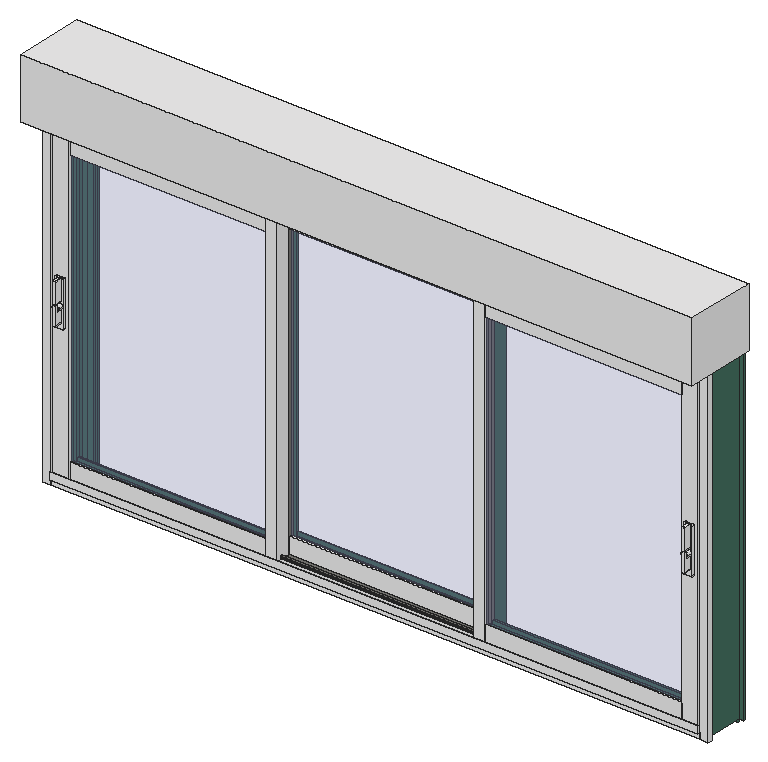
Revit family "K-LINE COULISSANT NEUF-KLBC2R-3V - Bloc Baie VR", category Fenêtres, Revit 2017
Family settings
  Hôte = Mur
  Numéro OmniClass = 23.30.20.00
  Titre OmniClass = Windows
  Toujours verticalement = Oui
  Couper avec des vides une fois chargée = Non
  Partagée = Non
  Point de calcul de pièce = Non
Parameters
  Vitrage principal = ""
  Vitrage = Verre
  Visibilité des lames [instance] = no
  URL = "https://pro.k-line.fr/baie-coulissante-2-rails.html"
  Type porte fenêtre = Hauteur > 1600.00 mm  # no
  Type fenêtre = not(Type porte fenêtre)  # yes
  Type de pose = "ITI"
  Type d'occultation = Bloc Baie VR : Thermobloc Grand SPPF
  Transmission thermique Uw = 1.4000 W/(m²·K)
  Transmission lumineuse TLw = "68%"
  Thermo P = Type d'occultation = Choix Thermo P  # no
  Thermo G = Type d'occultation = Choix Thermo G  # yes
  Symbole d'ouverture = yes
  Surface = Largeur * Hauteur  # 2.88 m²
  SAV = "https://sav.k-line.fr/"
  Retrait 40 = and(not(Optibloc 40), not(Optibloc 60))  # yes
  Rattrapage doublage = Position doublage > 0.00 mm  # no
  Product data url = "https://www.bimobject.com/k-line/product/klbc2r-3vt-bbvr"
  Position traverse inter = Position du dessus de traverse - 69.00 mm  # 831.00 mm
  Position store en bas = if(Option Seuil PAE, 38.00 mm, 16.00 mm)  # 16.00 mm
  Position du dessus de traverse = 900.00 mm
  Position doublage = if(or(Doublage = 110.00 mm, Doublage = 130.00 mm), 10.00 mm, if(or(Doublage = 100.00 mm, and(Doublage = 140.00 mm, Optibloc 40), and(Doublage = 160.00 mm, Optibloc 60)), 20.00 mm, 0.00 mm))  # 0.00 mm
  Position de l'ouvrant [instance] = if(Coulissant ouvert, Largeur / 3 - 78.00 mm, 4.00 mm)  # 4.00 mm
  Position coffre store = if(DL Buben, 30.00 mm, if(Classic, 25.00 mm, 32.00 mm))  # 32.00 mm
  Outil de thermo-luminosité = "https://pro.k-line.fr/le-calculateur-de-performances-thermiques-thermo-luminositer.html"
  Origine France Garantie = "https://pro.k-line.fr/pdf/attestations/Attestation_definitive_OFG_K-LINE.pdf"
  Option de sous-face alu Ext = yes
  Option Seuil PAE = no
  Option Sans bavette = no
  Optibloc 60 = Type d'occultation = Choix Optibloc 60  # no
  Optibloc 40 = Type d'occultation = Choix Optibloc 40  # no
  Optibloc = Type d'occultation = Choix Optibloc  # no
  Occultation = if(Classic, "VR Classic BUBENDORFF", if(DL Buben, "VR Demi Linteau BUBENDORFF", if(Optibloc, "VR Demi Linteau Optibloc SPPF", if(Optibloc 40, "VR Demi Linteau Optibloc SPPF décalé 40 mm", if(Optibloc 60, "VR Demi Linteau Optibloc SPPF décalé 60 mm", "VR Thermobloc SPPF")))))  # "VR Thermobloc SPPF"
  Numéro de série = "K.........."
  Note d'identification = "08520"
  Nombre de traverses intermédiaires = 0.00 mm
  Neuf / Réno / Multi support = "Neuf"
  Mortaise et grille d'entrée d'air = "Non"
  Modèle = if(Classic, "KL-BC2R-3V - Bloc Baie Classic BUBENDORFF", if(DL Buben, "KL-BC2R-3V - Bloc Baie Demi Linteau BUBENDORFF", if(Optibloc, "KL-BC2R-3V - Bloc Baie Demi Linteau Optibloc SPPF", if(Optibloc 40, "KL-BC2R-3V - Bloc Baie Demi Linteau Optibloc SPPF décalé 40 mm", if(Optibloc 60, "KL-BC2R-3V - Bloc Baie Demi Linteau Optibloc SPPF décalé 60 mm", "KL-BC2R-3V - Bloc Baie Thermobloc SPPF")))))  # "KL-BC2R-3V - Bloc Baie Thermobloc SPPF"
  Message Hors abaques [instance] = yes
  Matériaux = "Aluminium et verre"
  Largeur ouvrant = (Largeur - 123.00 mm) / 3 + 72.50 mm  # 831.50 mm
  Largeur ouv ext = (Largeur - 123.00 mm) / 3 + 50.00 mm  # 809.00 mm
  Rough Width [instance] = Largeur  # 2400.00 mm
  Installation instructions = "https://pro.k-line.fr/notices-de-pose.html"
  Ht store = Hauteur - Position store en bas  # 1184.00 mm
  Hors abaques Porte Fenetre [instance] = or(or(1500.00 mm > Largeur, Largeur > 3000.00 mm), or(1601.00 mm > Hauteur, Hauteur > 2400.00 mm), and(Hauteur > 2000.00 mm, Largeur < 1600.00 mm), and(Hauteur > 2100.00 mm, Largeur < 1700.00 mm), and(Hauteur > 2200.00 mm, Largeur < 1800.00 mm))  # yes
  Hors abaques Fenetre [instance] = or(or(1200.00 mm > Largeur, Largeur > 3000.00 mm), or(500.00 mm > Hauteur, Hauteur > 1600.00 mm))  # no
  Hors abaques [instance] = if(Type fenêtre, and(or(or(1200.00 mm > Largeur, Largeur > 3000.00 mm), or(550.00 mm > Hauteur, Hauteur > 1600.00 mm)), Message Hors abaques), and(or(or(1500.00 mm > Largeur, Largeur > 3000.00 mm), or(1601.00 mm > Hauteur, Hauteur > 2450.00 mm), and(Hauteur > 2000.00 mm, Largeur < 1600.00 mm), and(Hauteur > 2100.00 mm, Largeur < 1700.00 mm), and(Hauteur > 2200.00 mm, Largeur < 1800.00 mm)), Message Hors abaques))  # no
  Hauteur ouvrant = Hauteur - Décalage traverse haute - 57.00 mm  # 1143.00 mm
  Rough Height [instance] = Hauteur  # 1200.00 mm
  Hauteur = 1200.00 mm
  Hauteur de l'appui par défaut = if(Type porte fenêtre, 0.00 mm, 800.00 mm)  # 800.00 mm
  Garanties = "https://www.pro.k-line.fr/pdf/Attestations-Avis_technique/Responsabilite_fabricant/Garanties_Legales_KLINE.pdf"
  Fermeture du mur = Par hôte
  Largeur = 2400.00 mm
  Famille de produit = "COULISSANT"
  Facteur solaire ScW (Hiver) = 0.55
  Fabricant = "K.LINE"
  Ep rattrapage = if(Position doublage > 0.00 mm, Position doublage, 5.00 mm)  # 5.00 mm
  Entretien = "https://www.pro.k-line.fr/pdf/Fiches_Entretien/Entretien_Menuiserie.pdf"
  Entreprise de pose = ""
  Dépassement lat coffre = if(or(Optibloc, Optibloc 40, Optibloc 60), 120.00 mm, if(DL Buben, 160.00 mm, 32.00 mm))  # 32.00 mm
  Décalage traverse haute = 32.00 mm - Position coffre store  # 0.00 mm
  Décalage appui = if(Type fenêtre, 140.00 mm, if(Doublage < 180.00 mm, 100.00 mm, 120.00 mm))  # 140.00 mm
  Décal appui Std = if(Doublage < 131.00 mm, 0.00 mm, Doublage - 140.00 mm)  # 20.00 mm
  Décal appui PMR = if(Doublage < 180.00 mm, [Doublage + rattrapage] - 100.00 mm, [Doublage + rattrapage] - 120.00 mm)  # 60.00 mm
  Décal appui = if(Type porte fenêtre, Décal appui PMR, Décal appui Std)  # 20.00 mm
  Doublages disponibles = if(or(DL Buben, Optibloc), "100,110,120,130,140,160,180 et 200mm", if(Optibloc 40, "140,160,180 et 200mm", if(Optibloc 60, "160,180 et 200mm", "100,110,120,130,140,160,180 et 200mm")))  # "100,110,120,130,140,160,180 et 200mm"
  Doublage + rattrapage = Doublage + Position doublage  # 160.00 mm
  Doublage = 160.00 mm
  Description = "Fenêtre et porte fenêtre coulissante alu 2 rails"
  DL Buben = Type d'occultation = Choix DL Buben  # no
  Coulissant ouvert [instance] = no
  Couleur lames de volet = SPPF - Vert foncé (RAL 6005)
  Couleur châssis Int = K.Line Intemporel Blanc satiné (9016 S) - KQ
  Couleur châssis Ext = K.Line Couleur Vert foncé (6005 T) - RS
  Couleur Accessoire Int = K.Line Accessoire Blanc - KQ
  Contraintes de Largeur = if(Type fenêtre, "1200 < Largeur < 3000", "1500 < Largeur < 3000")  # "1200 < Largeur < 3000"
  Contraintes de Hauteur = if(Type fenêtre, "500 < Hauteur < 1600", "1601 < Hauteur < 2400")  # "500 < Hauteur < 1600"
  Construction analytique = "<Aucun>"
  Rattrapage avec aile = and(Type fenêtre, Rattrapage doublage)  # no
  Composition analytique de base = "Châssis 2350x2180 - Vitrage 4/WE Argon 20/TBE 4"
  Code d'assemblage = "B2020110"
  Classic = Type d'occultation = Choix Classic  # no
  Classement AEV = "A*4 E*6B V*A3"
  Classe COV = "A+"
  Clair passage total = Largeur / 3 - 91.00 mm  # 709.00 mm
  Choix Thermo P = Bloc Baie VR : Thermobloc Petit SPPF
  Choix Thermo G = Bloc Baie VR : Thermobloc Grand SPPF
  Choix Optibloc 60 = Bloc Baie VR : Demi Linteau Optibloc décalé 60 mm SPPF
  Choix Optibloc 40 = Bloc Baie VR : Demi Linteau Optibloc décalé 40 mm SPPF
  Choix Optibloc = Bloc Baie VR : Demi Linteau Optibloc SPPF
  Choix DL Buben = Bloc Baie VR : Demi Linteau BUBENDORFF
  Choix Classic = Bloc Baie VR : Classic BUBENDORFF
  Avis technique = "https://pro.k-line.fr/attestations-avis-techniques.html"
  Appui Non-Déporté = yes
  Affaiblissement acoustique R(A,tr) = "30dB"
Reference planes
  plane 1 "Centre (avant/arrière)": y = 0
  plane 2 "Centre (gauche/droite)": x = 0
  plane 3 "Gauche": x = -1200
  plane 4 "Droite": x = 1200
  plane 5 "Appui": z = 800
  plane 6 "Tête": z = 2000
  plane 7 "Extérieur": y = 200
  plane 8 "Intérieur": y = -200
  plane 9: x = -1232
  plane 10 "Nu béton": y = -40
  plane 11: x = 1232
  plane 12: z = 2032
  plane 13: y = -45
  plane 14: y = -53
  plane 15: z = 844
  plane 16: x = 1196
  plane 17: x = -1196
  plane 18: y = -400
  plane 19: x = -1232
  plane 20: x = 1232
  plane 21: y = -60
  plane 22: z = 770
  plane 23: z = 816
Forms (mm)
  Extrusion 1, void
    sketch origin (0, 0, 0) x (1, 0, 0) y (0, 1, 0)
      loop
        line (-1200, 200) -> (-1200, -60) -> (1200, -60) -> (1200, 200) -> (-1200, 200)
    from 770 to 2000
  Extrusion 2, void
    sketch origin (0, 0, 0) x (1, 0, 0) y (0, 1, 0)
      loop
        line (-1232, -40) -> (-1232, -53) -> (-1215, -53) -> (-1215, -200) -> (1215, -200) -> (1215, -53) -> (1232, -53) -> (1232, -40) -> (-1232, -40)
    from 800 to 2032
  Sweep 3, void
    path origin (0, -40, 0) x (-1, 0, 0) y (0, 0, 1)
      loop
        line (-1232, 2000) -> (1232, 2000)
    profile "Profil 2D de resa bloc baie : Profil 2D de resa bloc baie" origin (0, -40, 2000) x (0, 0, 1) y (0, 1, 0)
      loop
        line (2, 1) -> (1, 2) -> (0, 2) -> (0, -250) -> (257, -250) -> (257, 0) -> (2, 0) -> (2, 1)
Text (mm)
  text "EXTERIEUR" at (-1963.203, 1332.353, 0), in view "Niveau de réf."
  text "INTERIEUR" at (-1981.466, -818.386, 0), in view "Niveau de réf."
  text "Extérieur" at (0, 923.751, 2943.296), in view "Droite"
  text "Extérieur" at (0, 1040.484, 2685.409), in view "Gauche"
Dimensions and locks
  equal spacing: plane 3 "Gauche", plane 2 "Centre (gauche/droite)", plane 4 "Droite"
  "Largeur": plane 3 "Gauche" to plane 4 "Droite"
  "Hauteur": plane 5 "Appui" to plane 6 "Tête"
  "Hauteur de l'appui par défaut": plane 5 "Appui" to level
  locked: plane 7 "Extérieur" to host wall at 0
  locked: plane 8 "Intérieur" to host wall
  locked: plane 9 to plane 3 "Gauche" at 32
  locked: plane 4 "Droite" to plane 11 at 32
  "Doublage": plane 10 "Nu béton" to plane 8 "Intérieur"
  "Position coffre store": plane 12 to plane 6 "Tête"
  locked: plane 13 to plane 10 "Nu béton" at 5
  locked: plane 10 "Nu béton" to plane 14 at 13
  locked: plane 5 "Appui" to plane 15 at 44
  "Position de l'ouvrant": plane 16 to plane 4 "Droite"
  locked: plane 3 "Gauche" to plane 17 at 4
  locked: plane 18 to plane 8 "Intérieur" at 200
  "Dépassement lat coffre": plane 19 to plane 3 "Gauche"
  "Dépassement lat coffre": plane 20 to plane 4 "Droite"
  "Décal appui": plane 10 "Nu béton" to plane 21
  locked: plane 5 "Appui" to plane 22 at 30
  "Position store en bas": plane 23 to plane 5 "Appui"
  aligned and locked: Extrusion 1 sketch curve to host wall
  aligned and locked: Extrusion 1 sketch curve to plane 3 "Gauche"
  aligned and locked: plane 4 "Droite" to Extrusion 1 sketch curve
  aligned and locked: Extrusion 1 to plane 6 "Tête"
  aligned and locked: Extrusion 2 sketch curve to plane 10 "Nu béton"
  aligned and locked: plane 9 to Extrusion 2 sketch curve
  aligned and locked: Extrusion 2 sketch curve to host wall
  aligned and locked: plane 11 to Extrusion 2 sketch curve
  aligned and locked: plane 12 to Extrusion 2
  aligned and locked: plane 5 "Appui" to Extrusion 2
  aligned and locked: nested 1 to plane 5 "Appui"
  aligned and locked: Extrusion 2 sketch curve to plane 14
  aligned and locked: plane 14 to Extrusion 2 sketch curve
  aligned and locked: nested 1 to plane 2 "Centre (gauche/droite)"
  aligned and locked: plane 10 "Nu béton" to nested 1
  aligned and locked: nested 3 to plane 16
  aligned and locked: nested 2 to plane 17
  aligned and locked: nested 3 to nested 1
  aligned and locked: plane 15 to nested 2
  aligned and locked: nested 4 to plane 2 "Centre (gauche/droite)"
  aligned and locked: nested 4 to plane 18
  aligned and locked: nested 3 to plane 15
  aligned and locked: plane 2 "Centre (gauche/droite)" to nested 5
  aligned and locked: nested 5 to plane 13
  aligned and locked: plane 2 "Centre (gauche/droite)" to nested 6
  aligned and locked: nested 6 to nested 1
  aligned and locked: nested 1 to nested 2
  aligned and locked: plane 15 to nested 6
  aligned and locked: plane 21 to Extrusion 1 sketch curve
  aligned and locked: Extrusion 1 to plane 22
  aligned and locked: plane 23 to nested 5
Automatic sketch dimensions
  plane 9 to Extrusion 2 sketch curve = 17.00 mm
  Extrusion 2 sketch curve to Extrusion 2 sketch curve = 17.00 mm
  Sweep 3 sketch curve to plane 6 "Tête" = 0.00 mm
  plane 20 to Sweep 3 sketch curve = 0.00 mm
  Sweep 3 sketch curve to plane 19 = 0.00 mm
Nested families
  nested 1: "Dormant KL-BC2R 3V NEUF" at (0, -216.75, 800), type "Dormant KL-BC2R 3V NEUF"
    with Retrait calculé 40.00 mm, Retrait 40 yes, Retrait 40.00 mm, Largeur 2400.00 mm, Hauteur 1200.00 mm, Ep doublage 160.00 mm, Ep aile rattrapage 5.00 mm, Bavette 50 no, Bavette 30 yes, Aile + Rattrapage no
  nested 2: "Ouvrant KLBC" at (-1196, -195, 844) x (-1, 0, 0) z (0, 0, 1), type "Ouvrant KLBC"
    with Vantail Int yes, Vantail Ext no, Renfort PF no, Position symbole 85.00 mm, Poignée PF no, Poignée F yes, Poignée CPI no, Position traverses 356.333 mm, Lg vitrage 759.00 mm, Lg traverse 729.00 mm, Largeur 831.50 mm, Ht vitrage 1047.00 mm, Ht traverse 1 831.00 mm, Hauteur 1143.00 mm
  nested 3: "Ouvrant KLBC" at (1196, -195, 844), type "Ouvrant KLBC"
    with Vantail Int yes, Vantail Ext no, Renfort PF no, Position symbole 85.00 mm, Poignée PF no, Poignée F yes, Poignée CPI no, Position traverses 356.333 mm, Lg vitrage 759.00 mm, Lg traverse 729.00 mm, Largeur 831.50 mm, Ht vitrage 1047.00 mm, Ht traverse 1 831.00 mm, Hauteur 1143.00 mm
  nested 4: "Texte Hors abaques" at (0, -400, 0), visible <- "Hors abaques", type "Texte Hors abaques"
  nested 5: "Bloc Baie VR" at (0, -45, 816) x (-1, 0, 0) z (0, 0, 1), Visibilité des lames <- "Visibilité des lames", type <- "Type d'occultation", Hauteur <- "Ht store", Largeur <- "Largeur", type "Thermobloc Grand SPPF"
    with Visibilité des lames no, Largeur 2400.00 mm, Hauteur 1184.00 mm, Option Sous face yes
  nested 6: "Ouvrant KLBC-3V" at (-404.5, -140, 844) x (-1, 0, 0) z (0, 0, 1), type "Ouvrant KLBC-3V"
    with Position traverses 356.333 mm, Lg vitrage 759.00 mm, Lg traverse 729.00 mm, Largeur 809.00 mm, Ht vitrage 1047.00 mm, Ht traverse 1 831.00 mm, Hauteur 1143.00 mm
Definition of nested family "Dormant KL-BC2R 3V NEUF"
  Parameters (values of type "Dormant KL-BC2R 3V NEUF")
    Type porte fenêtre = not(Type fenêtre)  # no
    Type fenêtre = yes
    Seuil court = and(Type porte fenêtre, Ep doublage < 180.00 mm, not(Option Seuil PAE))  # no
    Retrait calculé = if(Retrait 40, 40.00 mm, if(Retrait 60, 60.00 mm, if(and(Retrait 80, Ep doublage = 140.00 mm), 60.00 mm, if(Retrait 80, 80.00 mm, if(and(Retrait 100, Ep doublage = 160.00 mm), 80.00 mm, if(Retrait 100, 100.00 mm, 0.00 mm))))))  # 0.00 mm
    Retrait 80 = no
    Retrait 60 = no
    Retrait 40 = no
    Retrait 100 = no
    Retrait = Retrait calculé  # 0.00 mm
    Rattrapage doublage = no
    PAE plus = and(Option Seuil PAE, Ep doublage > 179.00 mm)  # no
    Option Seuil PAE = no
    Option Sans bavette = no
    Lg seuil = if(Seuil court, 111.75 mm, 151.75 mm)  # 151.75 mm
    Width = 2200.00 mm
    Height = 2200.00 mm
    Ep doublage = 120.00 mm
    Ep aile rattrapage = 10.00 mm
    Décalage traverse haute = 0.00 mm
    Doublage - Retrait = Ep doublage - Retrait  # 120.00 mm
    Couleur Int = none
    Couleur Ext = none
    Analytic Construction = "<Aucun>"
    Bavette 70 = and(not(Option Seuil PAE), not(Option Sans bavette), or(and(Type fenêtre, Ep doublage = 200.00 mm), and(Type porte fenêtre, or(Ep doublage = 160.00 mm, Ep doublage = 200.00 mm))))  # no
    Bavette 50 = and(not(Option Seuil PAE), not(Option Sans bavette), or(and(Type fenêtre, or(and(Ep doublage = 120.00 mm, Rattrapage doublage), and(Ep doublage = 120.00 mm, [Appui Non-Déporté]), Ep doublage = 180.00 mm)), and(Type porte fenêtre, or(Ep doublage = 140.00 mm, Ep doublage = 180.00 mm))))  # yes
    Bavette 30 = and(not(Option Seuil PAE), not(Option Sans bavette), not(or(Bavette 50, Bavette 70)))  # no
    Appui Non-Déporté = yes
    Aile + Rattrapage = yes
  Reference planes
    plane 1 "Centre (avant/arrière)": y = 0
    plane 2 "Haut rejingot": z = 0
    plane 3 "Centre (gauche/droite)": x = 0
    plane 4: z = 2200
    plane 5: x = 1132
    plane 6: x = -1132
    plane 7: y = 131.75
    plane 8: y = 136.75
    plane 9: x = -1100
    plane 10: x = 1100
    plane 11: y = 151.75
    plane 12: y = 16.75
    plane 13: y = 26.75
    plane 14: x = -1087
    plane 15: z = 26
    plane 16: x = 1087
    plane 17: z = 2232
    plane 18: z = 5
    plane 19: z = 50.5
    plane 20: x = -1115
    plane 21: x = 1115
    plane 22: y = 69.25
    plane 23: y = 84.25
    plane 24: y = 14.25
    plane 25: y = 29.25
    plane 26: z = 2177
    plane 27: y = 123.75
    plane 28: z = 2219.3
    plane 29: y = 71.75
    plane 30 "Axe vt Int": y = 21.75
    plane 31 "Axe vt ext": y = 76.75
    plane 32: z = -15
    plane 33: y = 131.75
    plane 34: z = 2200
  Forms (mm)
    Sweep 1, solid, material <- "Couleur Int", visible <- "Rattrapage doublage"
      path origin (0, 0, -5) x (1, 0, 0) y (0, 0, 1)
        loop
          line (1132, 10) -> (1132, 2237) -> (-1132, 2237) -> (-1132, 10)
      profile origin (1132, 0, 1118.5) x (-1, 0, 0) y (0, -1, 0)
        loop
          line (17, -26.75) -> (17, -16.75) -> (0, -16.75) -> (0, -26.75) -> (17, -26.75)
    Extrusion 2, solid, material <- "Couleur Int"
      sketch origin (0, 0, 0) x (1, 0, 0) y (0, 1, 0)
        loop
          line (-1132, 16.75) -> (-1132, 0) -> (-1100, 0) -> (-1100, 16.75) -> (-1132, 16.75)
        loop
          line (1132, 16.75) -> (1100, 16.75) -> (1100, 0) -> (1132, 0) -> (1132, 16.75)
      from 5 to 2232
    Extrusion 3, solid
      sketch origin (0, 0, 0) x (1, 0, 0) y (0, 1, 0)
        loop
          line (1087, 29.25) -> (1087, 14.25) -> (1100, 14.25) -> (1100, 29.25) -> (1087, 29.25)
        loop
          line (-1100, 29.25) -> (-1100, 14.25) -> (-1087, 14.25) -> (-1087, 29.25) -> (-1100, 29.25)
      from 50.5 to 2177
    Extrusion 4, solid, material <- "Couleur Ext"
      sketch origin (0, 0, 0) x (1, 0, 0) y (0, 1, 0)
        loop
          line (-1132, 131.75) -> (-1132, 123.75) -> (-1115, 123.75) -> (-1115, 29.25) -> (-1100, 29.25) -> (-1100, 131.75) -> (-1132, 131.75)
        loop
          line (1132, 131.75) -> (1100, 131.75) -> (1100, 29.25) -> (1115, 29.25) -> (1115, 123.75) -> (1132, 123.75) -> (1132, 131.75)
      from 5 to 2232
    Extrusion 5, solid, material <- "Couleur Ext"
      sketch origin (0, 0, 0) x (0, 1, 0) y (0, 0, 1)
        loop
          line (131.75, 2232) -> (123.75, 2232) -> (123.75, 2219.3) -> (76.75, 2219.3) -> (76.75, 2177) -> (84.25, 2177) -> (84.25, 2200) -> (131.75, 2200) -> (131.75, 2232)
        loop
          line (84.25, 50.5) -> (70.25, 50.5) -> (70.25, 5) -> (151.75, 5) -> (151.75, 13.305) -> (71.75, 16) -> (71.75, 26) -> (84.25, 26) -> (84.25, 50.5)
      from -1100 to 1100
    Extrusion 6, solid, material <- "Couleur Int"
      sketch origin (0, 0, 0) x (0, 1, 0) y (0, 0, 1)
        loop
          line (16.75, 2232) -> (0, 2232) -> (0, 2200) -> (14.25, 2200) -> (14.25, 2177) -> (21.75, 2177) -> (21.75, 2219.3) -> (16.75, 2219.3) -> (16.75, 2232)
        loop
          line (14.25, 28) -> (-3, 28) -> (-3, 50.5) -> (-5, 50.5) -> (-5, 26) -> (0, 26) -> (0, 5) -> (21.75, 5) -> (21.75, 50.5) -> (14.25, 50.5) -> (14.25, 28)
      from -1100 to 1100
    Extrusion 7, solid
      sketch origin (0, 0, 0) x (0, 1, 0) y (0, 0, 1)
        loop
          line (76.75, 2219.3) -> (21.75, 2219.3) -> (21.75, 2177) -> (29.25, 2177) -> (29.25, 2200) -> (69.25, 2200) -> (69.25, 2177) -> (76.75, 2177) -> (76.75, 2219.3)
        loop
          line (76.75, 54) -> (69.25, 53) -> (69.25, 41) -> (29.25, 41) -> (29.25, 53) -> (21.75, 54) -> (14.25, 53) -> (14.25, 50.5) -> (21.75, 50.5) -> (21.75, 5) -> (70.25, 5) -> (70.25, 50.5) -> (84.25, 50.5) -> (84.25, 53) -> (76.75, 54)
      from -1100 to 1100
    Extrusion 8, void
      sketch origin (0, 0, 0) x (0, 1, 0) y (0, 0, 1)
        loop
          line (16.75, 2232) -> (16.75, 2219.3) -> (69.25, 2219.3) -> (69.25, 2232) -> (16.75, 2232)
      from -1115 to 1115
    Extrusion 9, solid, material <- "Couleur Int", visible <- "Aile + Rattrapage"
      sketch origin (0, 0, 0) x (0, 1, 0) y (0, 0, 1)
        loop
          line (26.75, 5) -> (16.75, 5) -> (16.75, -15) -> (26.75, -15) -> (26.75, 5)
      from -1132 to 1132
  Cuts and joins
    Extrusion 8 cuts Extrusion 6
    Extrusion 8 cuts Extrusion 7
    Extrusion 8 cuts Extrusion 2
    Extrusion 8 cuts Extrusion 4
  Lines and regions (mm)
    symbolic lines
      curve 1: line (-1100, 0, 0) -> (1100, 0, 0)
      curve 2: line (0, 0, 2200) -> (0, 0, 28)
  Dimensions and locks
    locked: plane 8 to plane 7 at 5
    equal spacing: plane 9, plane 3 "Centre (gauche/droite)", plane 10
    "Width": plane 9 to plane 10
    locked: plane 6 to plane 9 at 32
    locked: plane 10 to plane 5 at 32
    "Height": plane 4 to level
    "Ep doublage": plane 8 to plane 12
    locked: plane 12 to plane 1 "Centre (avant/arrière)" at 16.75
    "Ep aile rattrapage": plane 13 to plane 12
    locked: plane 9 to plane 14 at 13
    locked: plane 10 to plane 16 at 13
    locked: plane 17 to plane 34 at 32
    locked: plane 6 to plane 20 at 17
    locked: plane 5 to plane 21 at 17
    locked: plane 23 to plane 22 at 15
    locked: plane 22 to plane 12 at 52.5
    locked: plane 24 to plane 25 at 15
    locked: plane 24 to plane 1 "Centre (avant/arrière)" at 14.25
    locked: plane 26 to plane 34 at 23
    locked: plane 19 to plane 15 at 24.5
    locked: plane 7 to plane 27 at 8
    locked: plane 17 to plane 28 at 12.7
    locked: plane 18 to plane 15 at 21
    "Lg seuil": plane 11 to plane 1 "Centre (avant/arrière)"
    locked: plane 29 to plane 22 at 2.5
    locked: plane 23 to Extrusion 5 sketch curve at 14
    locked: plane 30 "Axe vt Int" to plane 1 "Centre (avant/arrière)" at 21.75
    locked: plane 31 "Axe vt ext" to plane 30 "Axe vt Int" at 55
    locked: plane 1 "Centre (avant/arrière)" to Extrusion 6 sketch curve at 3
    locked: Extrusion 6 sketch curve to Extrusion 6 sketch curve at 2
    locked: plane 15 to Extrusion 6 sketch curve at 2
    locked: plane 2 "Haut rejingot" to plane 18 at 5
    locked: plane 32 to plane 18 at 20
    "Retrait": plane 7 to plane 33
    locked: plane 33 to Extrusion 5 sketch curve at 8
    "Décalage traverse haute": plane 4 to plane 34
    aligned and locked: Sweep 1 sketch curve to plane 12
    aligned and locked: plane 13 to Sweep 1 sketch curve
    aligned and locked: plane 1 "Centre (avant/arrière)" to Extrusion 2 sketch curve
    aligned and locked: Extrusion 2 sketch curve to plane 6
    aligned and locked: plane 9 to Extrusion 2 sketch curve
    aligned and locked: plane 12 to Extrusion 2 sketch curve  (x2)
    aligned and locked: Extrusion 2 sketch curve to plane 1 "Centre (avant/arrière)"
    aligned and locked: Extrusion 2 sketch curve to plane 5
    aligned and locked: Extrusion 2 sketch curve to plane 10
    aligned and locked: plane 14 to Extrusion 3 sketch curve
    aligned and locked: plane 16 to Extrusion 3 sketch curve
    aligned and locked: plane 25 to Extrusion 3 sketch curve
    aligned and locked: plane 24 to Extrusion 3 sketch curve
    aligned and locked: plane 5 to Extrusion 4 sketch curve
    aligned and locked: Extrusion 4 sketch curve to plane 7  (x2)
    aligned and locked: plane 27 to Extrusion 4 sketch curve
    aligned and locked: plane 10 to Extrusion 4 sketch curve
    aligned and locked: Extrusion 4 sketch curve to plane 21
    aligned and locked: plane 25 to Extrusion 4 sketch curve
    aligned and locked: plane 6 to Extrusion 4 sketch curve
    aligned and locked: Extrusion 4 sketch curve to plane 9
    aligned and locked: plane 20 to Extrusion 4 sketch curve
    aligned and locked: Extrusion 4 to plane 27
    aligned and locked: plane 17 to Extrusion 2
    aligned and locked: plane 17 to Extrusion 4
    aligned and locked: plane 18 to Extrusion 2
    aligned and locked: plane 18 to Extrusion 4
    aligned and locked: Extrusion 5 sketch curve to plane 17
    aligned and locked: Extrusion 5 sketch curve to plane 28
    aligned and locked: plane 26 to Extrusion 5 sketch curve
    aligned and locked: Extrusion 5 sketch curve to plane 23  (x2)
    aligned and locked: Extrusion 5 to plane 10
    aligned and locked: Extrusion 5 to plane 9
    aligned and locked: Extrusion 6 sketch curve to plane 1 "Centre (avant/arrière)"  (x2)
    aligned and locked: Extrusion 6 sketch curve to plane 17
    aligned and locked: Extrusion 6 sketch curve to plane 28
    aligned and locked: plane 26 to Extrusion 6 sketch curve
    aligned and locked: plane 24 to Extrusion 6 sketch curve
    aligned and locked: Extrusion 6 sketch curve to plane 12
    aligned and locked: Extrusion 6 to plane 9
    aligned and locked: Extrusion 6 to plane 10
    aligned and locked: Extrusion 7 sketch curve to plane 28
    aligned and locked: plane 26 to Extrusion 7 sketch curve  (x2)
    aligned and locked: plane 22 to Extrusion 7 sketch curve  (x2)
    aligned and locked: plane 25 to Extrusion 7 sketch curve  (x2)
    aligned and locked: Extrusion 7 to plane 10
    aligned and locked: Extrusion 7 to plane 9
    aligned and locked: Extrusion 5 sketch curve to plane 19
    aligned and locked: Extrusion 5 sketch curve to plane 18
    aligned and locked: Extrusion 5 sketch curve to plane 11
    aligned and locked: plane 15 to Extrusion 5 sketch curve
    aligned and locked: plane 29 to Extrusion 5 sketch curve
    aligned and locked: Extrusion 7 sketch curve to plane 23
    aligned and locked: plane 24 to Extrusion 7 sketch curve
    aligned and locked: plane 19 to Extrusion 7 sketch curve  (x2)
    aligned and locked: Extrusion 7 sketch curve to plane 18
    aligned and locked: Extrusion 6 sketch curve to plane 19
    aligned and locked: Extrusion 6 sketch curve to plane 30 "Axe vt Int"
    aligned and locked: Extrusion 6 sketch curve to plane 18
    aligned and locked: plane 15 to Extrusion 6 sketch curve
    aligned and locked: Extrusion 7 to plane 31 "Axe vt ext"
    aligned and locked: plane 31 "Axe vt ext" to Extrusion 5
    aligned and locked: Extrusion 7 to plane 30 "Axe vt Int"
    aligned and locked: plane 30 "Axe vt Int" to Extrusion 6
    aligned and locked: plane 9 to Extrusion 3 sketch curve
    aligned and locked: plane 10 to Extrusion 3 sketch curve
    aligned and locked: Sweep 1 sketch curve to plane 21
    aligned and locked: Sweep 1 sketch curve to plane 18
    aligned and locked: plane 18 to Sweep 1 sketch curve
    aligned and locked: Extrusion 8 sketch curve to plane 17
    aligned and locked: plane 12 to Extrusion 8 sketch curve
    aligned and locked: plane 28 to Extrusion 8 sketch curve
    aligned and locked: Extrusion 8 sketch curve to plane 22
    aligned and locked: Extrusion 8 to plane 20
    aligned and locked: Extrusion 8 to plane 21
    aligned and locked: plane 2 "Haut rejingot" to level
    aligned and locked: plane 32 to Extrusion 9 sketch curve
    aligned and locked: plane 12 to Extrusion 9 sketch curve
    aligned and locked: plane 18 to Extrusion 9 sketch curve
    aligned and locked: Extrusion 9 sketch curve to plane 13
    aligned and locked: plane 5 to Extrusion 9
    aligned and locked: Extrusion 9 to plane 6
    aligned and locked: Extrusion 3 to plane 19
    aligned and locked: plane 26 to Extrusion 3
    aligned and locked: nested 1 to plane 11
    aligned and locked: nested 1 to plane 18
    aligned and locked: plane 3 "Centre (gauche/droite)" to nested 1
    aligned and locked: nested 2 to plane 1 "Centre (avant/arrière)"
    aligned and locked: nested 2 to plane 18
    aligned and locked: nested 3 to plane 1 "Centre (avant/arrière)"
    aligned and locked: plane 1 "Centre (avant/arrière)" to nested 4
    aligned and locked: plane 10 to nested 4
    aligned and locked: nested 5 to plane 1 "Centre (avant/arrière)"
    aligned and locked: nested 5 to plane 9
    aligned and locked: plane 1 "Centre (avant/arrière)" to curve 1
    aligned and locked: plane 34 to nested 3
    aligned and locked: plane 34 to Extrusion 6 sketch curve
    aligned and locked: plane 34 to Extrusion 7 sketch curve
    aligned and locked: plane 34 to Extrusion 5 sketch curve
    aligned and locked: Extrusion 3 sketch curve to cut or joined group of Extrusion 7, Extrusion 8
    aligned and locked: Extrusion 3 to plane 24
    aligned and locked: cut or joined group of Extrusion 7, Extrusion 8 to Extrusion 4 sketch curve
  Automatic sketch dimensions
    Extrusion 5 sketch curve to plane 18 = 8.305 mm
    Extrusion 5 sketch curve to plane 18 = 11.00 mm
    Extrusion 7 sketch curve to plane 30 "Axe vt Int" = 0.00 mm  (x2)
    Extrusion 7 sketch curve to plane 31 "Axe vt ext" = 0.00 mm  (x2)
    plane 22 to Extrusion 7 sketch curve = 1.00 mm
    Extrusion 7 sketch curve to plane 19 = 9.50 mm
    plane 19 to Extrusion 7 sketch curve = 2.50 mm  (x3)
    plane 19 to Extrusion 7 sketch curve = 3.50 mm  (x2)
    Extrusion 7 sketch curve to Extrusion 7 sketch curve = 2.50 mm
    Extrusion 6 sketch curve to plane 19 = 0.00 mm
    Extrusion 6 sketch curve to plane 24 = 0.00 mm
    Extrusion 5 sketch curve to plane 31 "Axe vt ext" = 0.00 mm
    plane 12 to Extrusion 6 sketch curve = 5.00 mm
    plane 12 to Extrusion 7 sketch curve = 5.00 mm
    Sweep 1 sketch curve to profile plane = 0.00 mm
    Sweep 1 sketch curve to plane 6 = 0.00 mm
    Sweep 1 sketch curve to plane 5 = 0.00 mm
    Sweep 1 sketch curve to plane 17 = 0.00 mm
    curve 1 to plane 9 = 0.00 mm
    curve 1 to plane 10 = 0.00 mm
    curve 2 to plane 1 "Centre (avant/arrière)" = 0.00 mm
    curve 2 to plane 4 = 0.00 mm
    plane 15 to curve 2 = 2.00 mm
    Extrusion 5 sketch curve to plane 33 = 0.00 mm
    Extrusion 3 sketch curve to plane 24 = 0.00 mm
    Extrusion 4 sketch curve to plane 27 = 0.00 mm
  Nested families
    nested 1: "Bavette KLBC Neuf" at (0, 151.75, 5), type "Bavette KLBC Neuf"
      with Seuil PAE no, PAE plus no, Longueur 2200.00 mm, Bavette 70 no, Bavette 30 no
    nested 2: "Détail 2D - Traverse basse" at (0, 0, 5) x (0, -1, 0) z (1, 0, 0), type "Détail 2D - Traverse basse"
      with Ep rattrapage 10.00 mm, Aile + R yes
    nested 3: "Détail 2D - Profil dormant" at (0, 0, 2200) x (0, -1, 0) z (1, 0, 0), Doublage <- "Doublage - Retrait", type "Détail 2D - Profil dormant"
      with Joint étanchéité no, Int yes, Ext yes, Doublage 120.00 mm, B 23.00 mm, A 12.70 mm
    nested 4: "Détail 2D - Profil dormant" at (1100, 0, 0) x (0, -1, 0) z (0, 0, 1), Doublage <- "Ep doublage", type "Détail 2D - Profil dormant"
      with Joint étanchéité yes, Int yes, Ext no, Doublage 120.00 mm, B 13.00 mm, A 17.00 mm
    nested 5: "Détail 2D - Profil dormant" at (-1100, 0, 0) x (0, -1, 0) z (0, 0, 1), Doublage <- "Ep doublage", type "Détail 2D - Profil dormant"
      with Joint étanchéité yes, Int yes, Ext no, Doublage 120.00 mm, B 13.00 mm, A 17.00 mm
  Definition of nested family "Bavette KLBC Neuf"
    Parameters
      Seuil PAE = yes
      PAE plus = yes
      Longueur = 1100.00 mm
      Couleur Ext = none
      Bavette 70 = yes
      Bavette 30 = yes
      Bavette 50 = yes
    Reference planes
      plane 1 "Centre (avant/arrière)": y = 0
      plane 2: z = 0
      plane 3 "Centre (gauche/droite)": x = 0
      plane 4: x = -550
      plane 5: x = 550
    Forms (mm)
      Extrusion 1, solid, material <- "Couleur Ext", visible <- "Bavette 30"
        sketch origin (0, -53.2, 0) x (0, 1, 0) y (0, 0, 1)
          loop
            line (72.613, 7.652) -> (53.2, 8.305) -> (53.2, 0) -> (76.976, 0) -> (76.976, -21) -> (83.476, -21)
            arc (83.476, -21) -> (81.575, -5.336) -> (72.613, 7.652) r 32.973
        from -550 to 550
      Extrusion 2, solid, material <- "Couleur Ext", visible <- "Bavette 50"
        sketch origin (0, -53.2, 0) x (0, 1, 0) y (0, 0, 1)
          loop
            line (93.028, 6.964) -> (53.2, 8.305) -> (53.2, 0) -> (96.976, 0) -> (96.976, -21) -> (103.476, -21)
            arc (103.476, -21) -> (101.722, -5.722) -> (93.028, 6.964) r 31.927
        from -550 to 550
      Extrusion 3, solid, material <- "Couleur Ext", visible <- "Bavette 70"
        sketch origin (0, -53.2, 0) x (0, 1, 0) y (0, 0, 1)
          loop
            line (53.2, 8.305) -> (53.2, 0) -> (116.976, 0) -> (116.976, -21) -> (123.476, -21)
            arc (123.476, -21) -> (121.863, -6.096) -> (113.4, 6.278) r 30.777
            line (113.4, 6.278) -> (53.2, 8.305)
        from -550 to 550
      Extrusion 4, solid, visible <- "Seuil PAE"
        sketch origin (0, -53.2, 0) x (0, 1, 0) y (0, 0, 1)
          loop
            line (73.2, 28.998) -> (-4.3, 31.198) -> (-4.3, 10.242) -> (53.2, 8.305) -> (53.2, -3) -> (73.2, -3) -> (73.2, 28.998)
        from -550 to 550
      Extrusion 5, solid, visible <- "PAE plus"
        sketch origin (0, -53.2, 0) x (0, 1, 0) y (0, 0, 1)
          loop
            line (73.2, -3) -> (113.2, -3) -> (113.2, 28.998) -> (73.2, 28.998) -> (73.2, -3)
        from -550 to 550
    Dimensions and locks
      equal spacing: plane 4, plane 3 "Centre (gauche/droite)", plane 5
      "Longueur": plane 4 to plane 5
      aligned and locked: level to plane 2
      aligned and locked: Extrusion 2 to plane 4
      aligned and locked: Extrusion 1 to plane 4
      aligned and locked: plane 5 to Extrusion 2
      aligned and locked: plane 5 to Extrusion 1
      aligned and locked: nested 1 to plane 1 "Centre (avant/arrière)"
      aligned and locked: Extrusion 1 sketch curve to plane 1 "Centre (avant/arrière)"
      aligned and locked: plane 2 to Extrusion 1 sketch curve
      aligned and locked: Extrusion 2 sketch curve to plane 1 "Centre (avant/arrière)"
      aligned and locked: plane 2 to Extrusion 2 sketch curve
      aligned and locked: Extrusion 3 sketch curve to plane 1 "Centre (avant/arrière)"
      aligned and locked: plane 2 to Extrusion 3 sketch curve
      aligned and locked: Extrusion 4 to plane 4
      aligned and locked: Extrusion 5 to plane 4
      aligned and locked: Extrusion 3 to plane 4
      aligned and locked: plane 5 to Extrusion 4
      aligned and locked: plane 5 to Extrusion 5
      aligned and locked: plane 5 to Extrusion 3
    Automatic sketch dimensions
      plane 1 "Centre (avant/arrière)" to Extrusion 1 sketch curve = 2.456 mm
      level to Extrusion 1 sketch curve = 7.652 mm
      Extrusion 1 sketch curve to plane 1 "Centre (avant/arrière)" = 19.413 mm
      Extrusion 1 sketch curve to plane 1 "Centre (avant/arrière)" = 23.776 mm
      Extrusion 1 sketch curve to Extrusion 1 sketch curve = 6.50 mm
      Extrusion 1 sketch curve to level = 17.026 mm
      Extrusion 1 sketch curve to Extrusion 1 sketch curve = 8.305 mm
      Extrusion 2 sketch curve to plane 1 "Centre (avant/arrière)" = 18.615 mm
      level to Extrusion 2 sketch curve = 6.964 mm
      Extrusion 2 sketch curve to Extrusion 2 sketch curve = 21.214 mm
      Extrusion 2 sketch curve to Extrusion 2 sketch curve = 25.162 mm
      Extrusion 2 sketch curve to Extrusion 2 sketch curve = 6.50 mm
      Extrusion 2 sketch curve to level = 16.896 mm
      Extrusion 2 sketch curve to Extrusion 2 sketch curve = 8.305 mm
      Extrusion 3 sketch curve to level = 16.761 mm
      Extrusion 3 sketch curve to plane 1 "Centre (avant/arrière)" = 39.793 mm
      level to Extrusion 3 sketch curve = 6.278 mm
      Extrusion 3 sketch curve to Extrusion 3 sketch curve = 20.407 mm
      Extrusion 3 sketch curve to Extrusion 3 sketch curve = 23.984 mm
      Extrusion 3 sketch curve to Extrusion 3 sketch curve = 6.50 mm
      Extrusion 3 sketch curve to Extrusion 3 sketch curve = 8.305 mm
      Extrusion 4 sketch curve to plane 1 "Centre (avant/arrière)" = 0.00 mm
      level to Extrusion 4 sketch curve = 10.242 mm
      plane 1 "Centre (avant/arrière)" to Extrusion 4 sketch curve = 57.50 mm
      Extrusion 4 sketch curve to plane 1 "Centre (avant/arrière)" = 20.00 mm
      level to Extrusion 4 sketch curve = 8.305 mm
      Extrusion 4 sketch curve to level = 3.00 mm  (x2)
      Extrusion 4 sketch curve to Extrusion 4 sketch curve = 20.692 mm
      Extrusion 4 sketch curve to Extrusion 4 sketch curve = 20.956 mm
      level to Extrusion 5 sketch curve = 28.998 mm
      Extrusion 5 sketch curve to plane 1 "Centre (avant/arrière)" = 60.00 mm
      Extrusion 5 sketch curve to level = 3.00 mm
      Extrusion 5 sketch curve to plane 1 "Centre (avant/arrière)" = 20.00 mm
    Nested families
      nested 1: "Détail 2D - Bavette KLBC Neuf" at (0, 0, 0) x (0, -1, 0) z (1, 0, 0), type "Détail 2D - Bavette KLBC Neuf"
    Definition of nested family "Détail 2D - Bavette KLBC Neuf"
      Parameters
        Seuil PEA = yes
        PAE plus = yes
        Bavette 70 = yes
        Bavette 30 = yes
        Bavette 50 = yes
      Reference planes
        plane 1 "Centre (avant/arrière)": y = 0
        plane 2: z = 0
        plane 3 "Centre (gauche/droite)": x = 0
      Lines and regions (mm)
        Filled region 1, type "Uni - Gris", in view "Niveau de réf.", visible <- "Bavette 30", detail levels medium+fine
          outline origin (0, 0, 0) x (1, 0, 0) y (0, 1, 0)
            loop
              line (-23.776, -21) -> (-23.776, 0) -> (0, 0) -> (0, 8.305) -> (-19.413, 7.652)
              arc (-19.413, 7.652) -> (-28.375, -5.336) -> (-30.276, -21) r 32.973
              line (-30.276, -21) -> (-23.776, -21)
        Filled region 2, type "Uni - Gris", in view "Niveau de réf.", visible <- "Bavette 50", detail levels medium+fine
          outline origin (0, 0, 0) x (1, 0, 0) y (0, 1, 0)
            loop
              line (-43.776, -21) -> (-43.776, 0) -> (0, 0) -> (0, 8.305) -> (-39.828, 6.964)
              arc (-39.828, 6.964) -> (-48.522, -5.722) -> (-50.276, -21) r 31.927
              line (-50.276, -21) -> (-43.776, -21)
        Filled region 3, type "Uni - Gris", in view "Niveau de réf.", visible <- "Bavette 70", detail levels medium+fine
          outline origin (0, 0, 0) x (1, 0, 0) y (0, 1, 0)
            loop
              line (-63.776, -21) -> (-63.776, 0) -> (0, 0) -> (0, 8.305) -> (-60.2, 6.278)
              arc (-60.2, 6.278) -> (-68.663, -6.096) -> (-70.276, -21) r 30.777
              line (-70.276, -21) -> (-63.776, -21)
        Filled region 4, type "Uni - Gris", in view "Niveau de réf.", visible <- "Seuil PEA", detail levels medium+fine
          outline origin (0, 0, 0) x (1, 0, 0) y (0, 1, 0)
            loop
              line (-20, 28.998) -> (-20, -3) -> (0, -3) -> (0, 8.305) -> (57.5, 10.242) -> (57.5, 31.198) -> (-20, 28.998)
        Filled region 5, type "Uni - Gris", in view "Niveau de réf.", visible <- "PAE plus", detail levels medium+fine
          outline origin (0, 0, 0) x (1, 0, 0) y (0, 1, 0)
            loop
              line (-60, 28.998) -> (-60, -3) -> (-20, -3) -> (-20, 28.998) -> (-60, 28.998)
      Dimensions and locks
        aligned and locked: plane 3 "Centre (gauche/droite)" to Filled region 1 sketch curve
        aligned and locked: plane 1 "Centre (avant/arrière)" to Filled region 1 sketch curve
  Definition of nested family "Détail 2D - Traverse basse"
    Parameters (values of type "Détail 2D - Traverse basse")
      Lg seuil = 151.75 mm
      Ep rattrapage = 20.00 mm
      Aile + R = no
    Reference planes
      plane 1 "Centre (avant/arrière)": y = 0
      plane 2: z = 0
      plane 3 "Centre (gauche/droite)": x = 0
      plane 4: x = -151.75
      plane 5: x = -84.25
      plane 6: y = 49
      plane 7: y = -5
      plane 8: x = -16.75
      plane 9: x = -36.75
      plane 10: y = -20
    Lines and regions (mm)
      Filled region 1, type "Uni - Gris", in view "Niveau de réf.", detail levels medium+fine
        outline origin (0, 0, 0) x (1, 0, 0) y (0, 1, 0)
          loop
            line (-14.25, 45.5) -> (-14.25, 48) -> (-21.75, 49) -> (-29.25, 48) -> (-29.25, 36) -> (-69.25, 36) -> (-69.25, 48) -> (-76.75, 49) -> (-84.25, 48) -> (-84.25, 21) -> (-71.75, 21) -> (-71.75, 11) -> (-151.75, 8.327) -> (-151.75, 0) -> (0, 0) -> (0, 21) -> (5, 21) -> (5, 45.5) -> (3, 45.5) -> (3, 23) -> (-14.25, 23) -> (-14.25, 45.5)
      Filled region 2, type "Uni - blanc", in view "Niveau de réf.", detail levels coarse
        outline origin (0, 0, 0) x (1, 0, 0) y (0, 1, 0)
          loop
            line (-84.25, 36) -> (-84.25, 10.573) -> (-151.75, 8.327) -> (-151.75, 0) -> (0, 0) -> (0, 36) -> (-84.25, 36)
      Filled region 3, type "Uni - Gris", in view "Niveau de réf.", visible <- "Aile + R", detail levels medium+fine
        outline origin (0, 0, 0) x (1, 0, 0) y (0, 1, 0)
          loop
            line (-36.75, 0) -> (-36.75, -20) -> (-16.75, -20) -> (-16.75, 0) -> (-36.75, 0)
      detail lines, in view "Niveau de réf."
        curve 1: line (-99.25, 0, 0) -> (-29.25, 0, 0)
        curve 2: line (-99.25, -5, 0) -> (-99.25, 0, 0)
        curve 3: line (-29.25, -5, 0) -> (-99.25, -5, 0)
        curve 4: line (-29.25, 0, 0) -> (-29.25, -5, 0)
        curve 5: line (-99.25, 0, 0) -> (-29.25, -5, 0)
        curve 6: line (-29.25, 0, 0) -> (-99.25, -5, 0)
    Dimensions and locks
      "Lg seuil": plane 4 to plane 3 "Centre (gauche/droite)"
      locked: plane 5 to plane 3 "Centre (gauche/droite)" at 84.25
      locked: plane 6 to plane 1 "Centre (avant/arrière)" at 49
      locked: plane 7 to plane 1 "Centre (avant/arrière)" at 5
      locked: curve 2 to plane 5 at 15
      locked: plane 5 to curve 4 at 55
      locked: plane 10 to plane 1 "Centre (avant/arrière)" at 20
      locked: plane 8 to plane 3 "Centre (gauche/droite)" at 16.75
      "Ep rattrapage": plane 9 to plane 8
      aligned and locked: plane 3 "Centre (gauche/droite)" to Filled region 1 sketch curve
      aligned and locked: plane 1 "Centre (avant/arrière)" to Filled region 1 sketch curve
      aligned and locked: Filled region 1 sketch curve to plane 5
      aligned and locked: Filled region 1 sketch curve to plane 4
      aligned and locked: plane 5 to Filled region 2 sketch curve
      aligned and locked: Filled region 2 sketch curve to plane 1 "Centre (avant/arrière)"
      aligned and locked: plane 4 to Filled region 2 sketch curve
      aligned and locked: Filled region 2 sketch curve to plane 3 "Centre (gauche/droite)"
      aligned and locked: plane 7 to curve 3
      aligned and locked: plane 1 "Centre (avant/arrière)" to curve 1
      aligned and locked: plane 1 "Centre (avant/arrière)" to Filled region 3 sketch curve
      aligned and locked: plane 9 to Filled region 3 sketch curve
      aligned and locked: plane 10 to Filled region 3 sketch curve
      aligned and locked: Filled region 3 sketch curve to plane 8
      aligned and locked: Filled region 2 to Filled region 1
      aligned and locked: plane 4 to import instance
      aligned and locked: plane 1 "Centre (avant/arrière)" to import instance
    Automatic sketch dimensions
      Filled region 1 sketch curve to plane 3 "Centre (gauche/droite)" = 14.25 mm
      Filled region 1 sketch curve to Filled region 1 sketch curve = 7.50 mm  (x3)
      Filled region 1 sketch curve to plane 1 "Centre (avant/arrière)" = 11.00 mm
      Filled region 1 sketch curve to Filled region 1 sketch curve = 2.50 mm  (x2)
      Filled region 1 sketch curve to Filled region 1 sketch curve = 12.50 mm
      plane 3 "Centre (gauche/droite)" to Filled region 1 sketch curve = 3.00 mm
      Filled region 1 sketch curve to Filled region 1 sketch curve = 2.00 mm  (x2)
      Filled region 1 sketch curve to plane 1 "Centre (avant/arrière)" = 8.327 mm
      Filled region 1 sketch curve to Filled region 1 sketch curve = 10.00 mm
      Filled region 1 sketch curve to plane 1 "Centre (avant/arrière)" = 21.00 mm
      Filled region 1 sketch curve to Filled region 1 sketch curve = 15.00 mm
      Filled region 1 sketch curve to Filled region 1 sketch curve = 22.50 mm
      Filled region 1 sketch curve to Filled region 1 sketch curve = 0.00 mm  (x2)
      Filled region 1 sketch curve to Filled region 1 sketch curve = 12.00 mm  (x2)
      Filled region 1 sketch curve to Filled region 1 sketch curve = 1.00 mm  (x2)
      Filled region 2 sketch curve to plane 1 "Centre (avant/arrière)" = 10.573 mm
      Filled region 2 sketch curve to Filled region 2 sketch curve = 8.327 mm
      Filled region 2 sketch curve to plane 6 = 13.00 mm
  Definition of nested family "Détail 2D - Profil dormant"
    Parameters (values of type "Détail 2D - Profil dormant")
      Rat doublage = no
      Joint étanchéité [instance] = yes
      Int [instance] = yes
      Ext [instance] = yes
      Ep rattrapage = 10.00 mm
      Doublage [instance] = 100.00 mm
      B [instance] = if(and(Int, Ext), 23.00 mm, 13.00 mm)  # 23.00 mm
      A [instance] = if(and(Int, Ext), 12.70 mm, 17.00 mm)  # 12.70 mm
    Reference planes
      plane 1 "Centre (avant/arrière)": y = 0
      plane 2: z = 0
      plane 3 "Centre (gauche/droite)": x = 0
      plane 4: x = -116.75
      plane 5: x = -111.75
      plane 6: y = 32
      plane 7: y = -23
      plane 8: x = -103.75
      plane 9: x = -84.25
      plane 10: x = -16.75
      plane 11: y = 19.3
      plane 12: x = -69.25
      plane 13: x = -29.25
      plane 14: x = -14.25
      plane 15: x = -26.75
    Lines and regions (mm)
      Filled region 1, type "Uni - Gris", in view "Niveau de réf.", detail levels medium+fine
        outline origin (0, 0, 0) x (1, 0, 0) y (0, 1, 0)
          loop
            line (-103.75, 19.3) -> (-103.75, 32) -> (-111.75, 32) -> (-111.75, 0) -> (0, 0) -> (0, 32) -> (-16.75, 32) -> (-16.75, 19.3) -> (-103.75, 19.3)
      Filled region 2, type "Uni - blanc", in view "Niveau de réf.", detail levels coarse
        outline origin (0, 0, 0) x (1, 0, 0) y (0, 1, 0)
          loop
            line (-111.75, 32) -> (-111.75, 0) -> (0, 0) -> (0, 32) -> (-111.75, 32)
      Filled region 3, type "Uni - Gris", in view "Niveau de réf.", visible <- "Ext", detail levels medium+fine
        outline origin (0, 0, 0) x (1, 0, 0) y (0, 1, 0)
          loop
            line (-84.25, 0) -> (-84.25, -23) -> (-69.25, -23) -> (-69.25, 0) -> (-84.25, 0)
      Filled region 4, type "Uni - Gris", in view "Niveau de réf.", visible <- "Int", detail levels medium+fine
        outline origin (0, 0, 0) x (1, 0, 0) y (0, 1, 0)
          loop
            line (-29.25, 0) -> (-29.25, -23) -> (-14.25, -23) -> (-14.25, 0) -> (-29.25, 0)
      Filled region 5, type "Uni - Gris", in view "Niveau de réf.", visible <- "Rat doublage", detail levels medium+fine
        outline origin (0, 0, 0) x (1, 0, 0) y (0, 1, 0)
          loop
            line (-26.75, 32) -> (-26.75, 30) -> (-16.75, 30) -> (-16.75, 32) -> (-26.75, 32)
    Dimensions and locks
      "Doublage": plane 4 to plane 10
      locked: plane 6 to plane 1 "Centre (avant/arrière)" at 32
      "B": plane 7 to plane 1 "Centre (avant/arrière)"
      locked: plane 5 to plane 4 at 5
      locked: plane 5 to plane 8 at 8
      locked: plane 9 to plane 3 "Centre (gauche/droite)" at 84.25
      locked: plane 10 to plane 3 "Centre (gauche/droite)" at 16.75
      "A": plane 6 to plane 11
      locked: plane 9 to plane 12 at 15
      locked: plane 12 to plane 13 at 40
      locked: plane 13 to plane 14 at 15
      plane 6 to Filled region 5 sketch curve = 2.00 mm
      "Ep rattrapage": plane 15 to plane 10
      aligned and locked: Filled region 1 sketch curve to plane 6  (x2)
      aligned and locked: Filled region 1 sketch curve to plane 3 "Centre (gauche/droite)"
      aligned and locked: Filled region 1 sketch curve to plane 1 "Centre (avant/arrière)"
      aligned and locked: plane 5 to Filled region 1 sketch curve
      aligned and locked: Filled region 1 sketch curve to plane 8
      aligned and locked: Filled region 2 sketch curve to plane 6
      aligned and locked: plane 5 to Filled region 2 sketch curve
      aligned and locked: Filled region 2 sketch curve to plane 1 "Centre (avant/arrière)"
      aligned and locked: Filled region 2 sketch curve to plane 3 "Centre (gauche/droite)"
      aligned and locked: plane 1 "Centre (avant/arrière)" to Filled region 3 sketch curve
      aligned and locked: plane 7 to Filled region 3 sketch curve
      aligned and locked: Filled region 3 sketch curve to plane 12
      aligned and locked: plane 9 to Filled region 3 sketch curve
      aligned and locked: Filled region 4 sketch curve to plane 14
      aligned and locked: plane 13 to Filled region 4 sketch curve
      aligned and locked: plane 7 to Filled region 4 sketch curve
      aligned and locked: plane 1 "Centre (avant/arrière)" to Filled region 4 sketch curve
      aligned and locked: Filled region 5 sketch curve to plane 6
      aligned and locked: Filled region 5 sketch curve to plane 10
      aligned and locked: plane 15 to Filled region 5 sketch curve
      aligned and locked: Filled region 1 sketch curve to plane 11
      aligned and locked: plane 5 to import instance
    Automatic sketch dimensions
      Filled region 1 sketch curve to plane 3 "Centre (gauche/droite)" = 16.75 mm
Definition of nested family "Ouvrant KLBC"
  Parameters (values of type "Ouvrant KLBC")
    Vitrage = none
    Visibilité ouverture = yes
    Vantail Int [instance] = not(Vantail Ext)  # no
    Vantail Ext [instance] = yes
    Renfort PF [instance] = and(Vantail Int, Porte fenêtre)  # no
    Profondeur renfort = if(Mt renforcé, 53.75 mm, 32.00 mm)  # 32.00 mm
    Position traverses = if([3 traverses], (Height - 274.00 mm) / 4 + 50.00 mm, (Height - 224.00 mm) / 3 + 50.00 mm)  # 456.333 mm
    Position symbole [instance] = if(Vantail Int, 85.00 mm, 120.00 mm)  # 120.00 mm
    Porte fenêtre = no
    Poignée PF [instance] = and(Porte fenêtre, not(Poignée CPI))  # no
    Poignée F [instance] = and(Fenêtre, not(Poignée CPI))  # yes
    Poignée CPI [instance] = and(Vantail Int, CPI)  # no
    Nb traverses = 0.00 mm
    Mt renforcé = no
    Lg vitrage = Width - 72.50 mm  # 1143.50 mm
    Lg traverse = Width - 102.50 mm  # 1113.50 mm
    Width = 1216.00 mm
    Ht vitrage = Height - 96.00 mm  # 1347.00 mm
    Ht traverse 1 = 431.00 mm
    Height = 1443.00 mm
    Fenêtre = yes
    Couleur châssis Int = none
    Couleur châssis Ext = none
    Couleur Accessoire Int = none
    Analytic Construction = "<Aucun>"
    CPI = no
    3 traverses = Nb traverses = 3.00 mm  # no
    2 traverses = or(Nb traverses = 2.00 mm, Nb traverses = 3.00 mm)  # no
    1 traverse = Nb traverses = 1.00 mm  # no
  Reference planes
    plane 1 "Centre (avant/arrière)": y = 0
    plane 2: z = 0
    plane 3 "Centre (gauche/droite)": x = 0
    plane 4: x = -1216
    plane 5: y = 21.75
    plane 6 "Nu ext": y = -21.75
    plane 7: x = -62.5
    plane 8: x = -47.5
    plane 9: x = -13
    plane 10: x = -1176
    plane 11: x = -1191
    plane 12: x = -1196
    plane 13: y = -14
    plane 14: y = 14
    plane 15: y = -8
    plane 16: y = 8
    plane 17: x = -1213
    plane 18: y = 28.25
    plane 19: z = 1443
    plane 20: z = 721.5
    plane 21: z = 62
    plane 22: z = 48
    plane 23: z = 13
    plane 24: y = -20
    plane 25: y = 20
    plane 26: z = 1381
    plane 27: z = 1395
    plane 28: z = 1430
    plane 29: x = -31.5
    plane 30: x = -619.25
    plane 31: y = -28.25
    plane 32: y = 53.75
    plane 33: z = 493.333
    plane 34: z = 949.667
    plane 35: z = 1406
    plane 36: z = 1862.333
    plane 37: z = 37
    plane 38: z = 431
    plane 39: y = 120
    plane 40: z = 1253
    plane 41: y = 46.75
  Forms (mm)
    Extrusion 1, solid, material <- "Couleur châssis Int"
      sketch origin (0, 0, 0) x (1, 0, 0) y (0, 1, 0)
        loop
          line (-62.5, 21.75) -> (-62.5, 14) -> (-47.5, 14) -> (-47.5, 0) -> (-13, 0) -> (-13, 8) -> (0, 8) -> (0, 21.75) -> (-62.5, 21.75)
      from 0 to 1443
    Extrusion 2, solid, material <- "Couleur châssis Ext"
      sketch origin (0, 0, 0) x (1, 0, 0) y (0, 1, 0)
        loop
          line (-62.5, -21.75) -> (0, -21.75) -> (0, -8) -> (-13, -8) -> (-13, 0) -> (-47.5, 0) -> (-47.5, -14) -> (-62.5, -14) -> (-62.5, -21.75)
      from 0 to 1443
    Extrusion 3, solid, visible <- "Vantail Ext"
      sketch origin (0, 0, 0) x (1, 0, 0) y (0, 1, 0)
        loop
          line (-1213, 28.25) -> (-1213, -14) -> (-1191, -14) -> (-1191, 14) -> (-1176, 14) -> (-1176, 21.75) -> (-1196, 21.75) -> (-1196, 28.25) -> (-1213, 28.25)
      from 0 to 1443
    Extrusion 4, solid, material <- "Couleur châssis Ext", visible <- "Vantail Ext"
      sketch origin (0, 0, 0) x (1, 0, 0) y (0, 1, 0)
        loop
          line (-1216, 28.25) -> (-1216, -21.75) -> (-1176, -21.75) -> (-1176, -14) -> (-1213, -14) -> (-1213, 28.25) -> (-1216, 28.25)
      from 0 to 1443
    Extrusion 5, solid, material <- "Couleur châssis Ext"
      sketch origin (0, 0, 0) x (0, 1, 0) y (0, 0, 1)
        loop
          line (-20, 62) -> (-20, 0) -> (-8, 0) -> (-8, 13) -> (0, 13) -> (0, 48) -> (-14, 48) -> (-14, 62) -> (-20, 62)
        loop
          line (-20, 1381) -> (-14, 1381) -> (-14, 1395) -> (0, 1395) -> (0, 1430) -> (-8, 1430) -> (-8, 1443) -> (-20, 1443) -> (-20, 1381)
      from -62.5 to -1176
    Extrusion 6, void
      sketch origin (0, 0, 0) x (0, 1, 0) y (0, 0, 1)
        loop
          line (-8, 13) -> (-8, 0) -> (8, 0) -> (8, 13) -> (-8, 13)
        loop
          line (-8, 1430) -> (8, 1430) -> (8, 1443) -> (-8, 1443) -> (-8, 1430)
      from 0 to -1216
    Extrusion 7, solid, material <- "Couleur châssis Int"
      sketch origin (0, 1.25, 0.625) x (0, -1, 0) y (0, 0, -1)
        loop
          line (-18.75, -61.375) -> (-12.75, -61.375) -> (-12.75, -47.375) -> (1.25, -47.375) -> (1.25, -12.375) -> (-6.75, -12.375) -> (-6.75, 0.625) -> (-18.75, 0.625) -> (-18.75, -61.375)
        loop
          line (-18.75, -1380.375) -> (-18.75, -1442.375) -> (-6.75, -1442.375) -> (-6.75, -1429.375) -> (1.25, -1429.375) -> (1.25, -1394.375) -> (-12.75, -1394.375) -> (-12.75, -1380.375) -> (-18.75, -1380.375)
      from -62.5 to -1176
    Extrusion 8, solid, material <- "Couleur châssis Int", visible <- "Vantail Int"
      sketch origin (0, 0, 0) x (1, 0, 0) y (0, 1, 0)
        loop
          line (-1216, -28.25) -> (-1213, -28.25) -> (-1213, 14) -> (-1176, 14) -> (-1176, 21.75) -> (-1216, 21.75) -> (-1216, -28.25)
      from 0 to 1443
    Extrusion 9, solid, visible <- "Vantail Int"
      sketch origin (0, 0, 0) x (1, 0, 0) y (0, 1, 0)
        loop
          line (-1213, -28.25) -> (-1196, -28.25) -> (-1196, -21.75) -> (-1176, -21.75) -> (-1176, -14) -> (-1191, -14) -> (-1191, 14) -> (-1213, 14) -> (-1213, -28.25)
      from 0 to 1443
    Extrusion 10, solid, material <- "Couleur châssis Int", visible <- "Renfort PF"
      sketch origin (0, 0, 0) x (1, 0, 0) y (0, 1, 0)
        loop
          line (-1216, 53.75) -> (-1216, 21.75) -> (-1176, 21.75) -> (-1176, 53.75) -> (-1216, 53.75)
      from 13 to 1443
    Extrusion 11, solid, material <- "Couleur Accessoire Int", visible <- "Poignée CPI"
      sketch origin (0, -21.75, 0) x (-1, 0, 0) y (0, 0, -1)
        loop
          line (13, -1443) -> (47.5, -1443) -> (47.5, -1257)
          arc (47.5, -1257) -> (46.328, -1254.172) -> (43.5, -1253) r 4
          line (43.5, -1253) -> (17, -1253)
          arc (17, -1253) -> (14.172, -1254.172) -> (13, -1257) r 4
          line (13, -1257) -> (13, -1443)
      from -43.5 to -68.5
  Cuts and joins
    Extrusion 6 cuts Extrusion 5
    Extrusion 6 cuts Extrusion 4
    Extrusion 6 cuts Extrusion 3
    Extrusion 6 cuts Extrusion 1
    Extrusion 6 cuts Extrusion 2
    Extrusion 6 cuts Extrusion 8
    Extrusion 6 cuts Extrusion 9
  Lines and regions (mm)
    symbolic lines, visible <- "Visibilité ouverture"
      curve 1: line (-719.25, -21.75, 721.5) -> (-519.25, -21.75, 721.5)
      curve 2: line (-719.25, -21.75, 721.5) -> (-682.998, -21.75, 738.405)
      curve 3: line (-719.25, -21.75, 721.5) -> (-682.998, -21.75, 704.595)
      curve 4: line (-719.25, 120, 0) -> (-519.25, 120, 0)
      curve 5: line (-719.25, 120, 0) -> (-680.613, 130.353, 0)
      curve 6: line (-719.25, 120, 0) -> (-680.613, 109.647, 0)
    model lines, visible <- "Visibilité ouverture"
      curve 7: line (-519.25, -21.75, 721.5) -> (-719.25, -21.75, 721.5)
      curve 8: line (-719.25, -21.75, 721.5) -> (-682.998, -21.75, 704.595)
      curve 9: line (-682.998, -21.75, 738.405) -> (-719.25, -21.75, 721.5)
  Dimensions and locks
    "Width": plane 4 to plane 3 "Centre (gauche/droite)"
    locked: plane 5 to plane 1 "Centre (avant/arrière)" at 21.75
    locked: plane 6 "Nu ext" to plane 1 "Centre (avant/arrière)" at 21.75
    locked: plane 7 to plane 3 "Centre (gauche/droite)" at 62.5
    locked: plane 7 to plane 8 at 15
    locked: plane 9 to plane 3 "Centre (gauche/droite)" at 13
    locked: plane 10 to plane 11 at 15
    locked: plane 4 to plane 12 at 20
    locked: plane 12 to plane 10 at 20
    locked: plane 6 "Nu ext" to plane 13 at 7.75
    locked: plane 5 to plane 14 at 7.75
    locked: plane 15 to plane 1 "Centre (avant/arrière)" at 8
    locked: plane 16 to plane 1 "Centre (avant/arrière)" at 8
    locked: plane 4 to plane 17 at 3
    locked: plane 6 "Nu ext" to plane 18 at 50
    "Height": plane 19 to plane 2
    equal spacing: plane 19, plane 20, plane 2
    locked: plane 21 to plane 2 at 62
    locked: plane 21 to plane 22 at 14
    locked: plane 2 to plane 23 at 13
    locked: plane 24 to plane 13 at 6
    locked: plane 25 to plane 14 at 6
    locked: plane 26 to plane 27 at 14
    locked: plane 19 to plane 28 at 13
    locked: plane 26 to plane 19 at 62
    locked: plane 29 to plane 3 "Centre (gauche/droite)" at 31.5
    equal spacing: plane 11, plane 30, plane 8
    locked: plane 5 to plane 31 at 50
    "Profondeur renfort": plane 32 to plane 5
    "Position traverses": plane 34 to plane 33
    "Position traverses": plane 35 to plane 34
    "Position traverses": plane 36 to plane 35
    locked: plane 21 to plane 37 at 25
    "Position traverses": plane 33 to plane 37
    "Ht traverse 1": plane 38 to plane 2
    "Position symbole": plane 39 to plane 1 "Centre (avant/arrière)"
    locked: plane 19 to plane 40 at 190
    locked: plane 41 to plane 5 at 25
    aligned and locked: level to plane 2
    aligned and locked: plane 7 to Extrusion 1 sketch curve
    aligned and locked: Extrusion 1 sketch curve to plane 5
    aligned and locked: Extrusion 1 sketch curve to plane 14
    aligned and locked: plane 8 to Extrusion 1 sketch curve
    aligned and locked: Extrusion 1 sketch curve to plane 1 "Centre (avant/arrière)"
    aligned and locked: Extrusion 1 sketch curve to plane 9
    aligned and locked: plane 16 to Extrusion 1 sketch curve
    aligned and locked: Extrusion 1 sketch curve to plane 3 "Centre (gauche/droite)"
